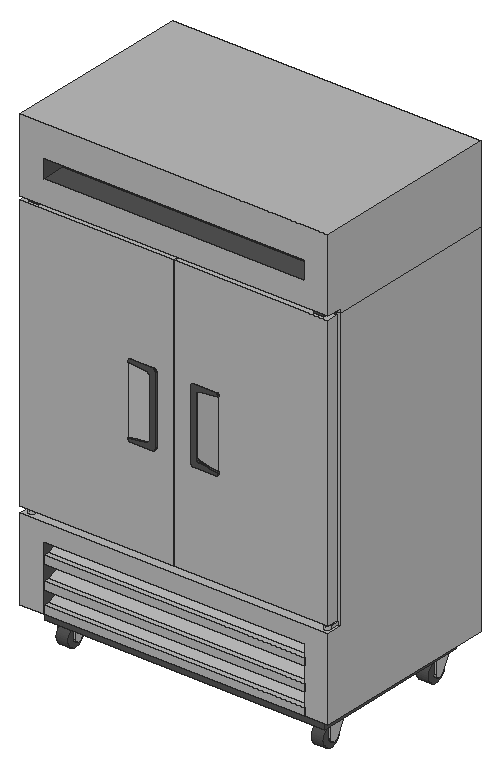
Revit family "Mechanical_COM_Refrigerator-Dbl", category Mechanical Equipment, Revit 2026
Family settings
  Round Connector Dimension = Use Diameter
  Part Type = Normal
  Classification Number = 23.40.40.11.11
  Work Plane-Based = Yes
  Always vertical = No
  Cut with Voids When Loaded = No
  Maintain Annotation Orientation = No
  Shared = No
  Room Calculation Point = No
Parameters
  doorheightactual [instance] = Door Height - 0' 0 7/8"  # 2' - 11 1/8"
  Warranty Duration (Years) = 0
  Unit Width [instance] = 3' - 3 1/2"
  Unit Height [instance] = 5' - 0"
  Unit Depth [instance] = 2' - 0 1/2"
  Test Data = ""
  Specification = ""
  SpecWizard = ""
  Send Message = ""
  Sales Information = ""
  Product Properties = ""
  Product Data = ""
  OmniClass Number = ""
  MasterFormat04 Keynote = ""
  Manufacturer's Notes = ""
  Manufacturer Website = ""
  Manufacturer Phone - Toll Free = ""
  Manufacturer Phone = ""
  Manufacturer Fax = ""
  Manufacturer Email = ""
  Manufacturer Address = ""
  Maintenance Schedule (Months) = 0
  Installation-Fabrication = ""
  Installation Phase = ""
  Half Width [instance] = Unit Width / 2  # 1' - 7 3/4"
  Green Building-LEED = ""
  Fixture Material [instance] = ARCAT - Metal - Satin Steel
  Feet Material [instance] = ARCAT - Plastic - Black
  Door Height [instance] = 3' - 0"
  Coasters = yes
  Base Height = if(Coasters, 0' 1 7/8", 0' 2 15/16")  # 0' - 1 7/8"
  Expected Lifespan (Years) = 0
  Drawn By = ""
  Default Elevation = 4' - 0"
  Copyright = ""
  Construction Details = ""
  Company_ID = 0
  Building Codes = ""
  Coaster Offset = if(Coasters, 0' 3 1/4", 0' 0")  # 0' - 3 1/4"
  Accent Material = ARCAT - Plastic - Black
Reference planes (in)
  plane 1 "Center (Front/Back)": y = 0
  plane 2: z = 0
  plane 3 "Center (Left/Right)": x = -3.9375
  plane 4: y = 12.25
  plane 5: y = -12.25
  plane 6: x = -23.6875
  plane 7: x = 15.8125
  plane 8: z = 60
  plane 9: z = 3.25
  plane 10: z = 5.125
  plane 11: z = 15.625
  plane 12: z = 13.375
  plane 13: z = 51.625
  plane 14: z = 16.5
  plane 15: z = 16
  plane 16: z = 51.375
  plane 17: z = 33.625
  plane 18: z = 38.01839
  plane 19: z = 29.23161
  plane 20: x = 14.95439
  plane 21: x = 13.70439
  plane 22: z = 52.125
  plane 23: z = 55.125
  plane 24: z = 57.5
  plane 25: z = 61.5
  plane 26: x = 13.18889
  plane 27: x = 11.6775
  plane 28: x = -21.06389
  plane 29: x = -19.5525
  plane 30: x = 11.3025
  plane 31: x = 13.56389
  plane 32: x = -19.1775
  plane 33: x = -21.43889
  plane 34: y = -32
  plane 35: x = -22.82939
  plane 36: x = -21.57939
Forms (in)
  Extrusion 1, solid, material "ARCAT - Plastic - Black" <- "Accent Material"
    sketch origin (0, 0, 0) x (1, 0, 0) y (0, 1, 0)
      loop
        line (-21.9375, -10.5) -> (14.0625, -10.5) -> (14.0625, 10.5) -> (-21.9375, 10.5) -> (-21.9375, -10.5)
    from 3.25 to 5.125
  Extrusion 2, solid, material "ARCAT - Metal - Satin Steel" <- "Fixture Material"
    sketch origin (0, 0, 0) x (1, 0, 0) y (0, 1, 0)
      loop
        line (-23.6875, 12.25) -> (-23.6875, -12.25) -> (-20.6875, -12.25) -> (-20.6875, -8.5) -> (12.8125, -8.5) -> (12.8125, -12.25) -> (15.8125, -12.25) -> (15.8125, 12.25) -> (-23.6875, 12.25)
    from 5.125 to 13.375
  Extrusion 3, solid, material "ARCAT - Metal - Satin Steel" <- "Fixture Material"
    sketch origin (0, 0, 0) x (1, 0, 0) y (0, 1, 0)
      loop
        line (-23.6875, 12.25) -> (-23.6875, -12.25) -> (15.8125, -12.25) -> (15.8125, 12.25) -> (-23.6875, 12.25)
    from 13.375 to 15.625
  Extrusion 4, solid, material "ARCAT - Metal - Satin Steel" <- "Fixture Material"
    sketch origin (-3.9375, -9.4435, 10.16013) x (0, -0.173648, 0.984808) y (0, -0.984808, -0.173648)
      loop
        line (-4.47129, 3.63821) -> (-4.60153, 2.8996) -> (-3.92881, -0.2653) -> (-2.944, -0.43895) -> (-3.61672, 2.72595) -> (-3.48649, 3.46456) -> (-4.47129, 3.63821)
      loop
        line (-1.76307, 3.16067) -> (-1.89331, 2.42207) -> (-1.22059, -0.74283) -> (-0.23578, -0.91648) -> (-0.9085, 2.24842) -> (-0.77826, 2.98703) -> (-1.76307, 3.16067)
      loop
        line (1.19135, 2.63973) -> (1.06112, 1.90112) -> (1.73384, -1.26377) -> (2.71864, -1.43742) -> (2.04592, 1.72748) -> (2.17616, 2.46608) -> (1.19135, 2.63973)
    from -16.75 to 16.75
  Extrusion 5, solid, material "ARCAT - Metal - Satin Steel" <- "Fixture Material"
    sketch origin (0, 0, 0) x (1, 0, 0) y (0, 1, 0)
      loop
        line (-23.6875, 12.25) -> (-23.6875, -10.25) -> (15.8125, -10.25) -> (15.8125, 12.25) -> (-23.6875, 12.25)
    from 15.625 to 51.625
  Extrusion 6, solid, material "ARCAT - Metal - Satin Steel" <- "Fixture Material"
    sketch origin (0, 0, 0) x (1, 0, 0) y (0, 1, 0)
      loop
        line (15.46508, -10.25) -> (14.56389, -10.25) -> (14.56389, -11.25)
        arc (14.56389, -11.25) -> (15.01448, -11.70059) -> (15.46508, -11.25) r 0.45059
        line (15.46508, -11.25) -> (15.46508, -10.25)
      loop
        line (-23.34008, -10.25) -> (-23.34008, -11.25)
        arc (-23.34008, -11.25) -> (-22.88948, -11.70059) -> (-22.43889, -11.25) r 0.45059
        line (-22.43889, -11.25) -> (-22.43889, -10.25) -> (-23.34008, -10.25)
    from 16 to 15.625
  Extrusion 7, solid, material "ARCAT - Metal - Satin Steel" <- "Fixture Material"
    sketch origin (0, 0, 0) x (1, 0, 0) y (0, 1, 0)
      loop
        circle (15.02077, -11.19956) r 0.37458
      loop
        circle (-22.89577, -11.19956) r 0.37458
    from 16 to 16.5
  Extrusion 8, solid, material "ARCAT - Plastic - Black" <- "Accent Material"
    sketch origin (0, 0, 0) x (1, 0, 0) y (0, 1, 0)
      loop
        line (-23.07671, -10.25) -> (-23.07671, -10.75) -> (15.20171, -10.75) -> (15.20171, -10.25) -> (-23.07671, -10.25)
    from 15.625 to 51.375
  Extrusion 9, solid, material "ARCAT - Plastic - Black" <- "Accent Material"
    sketch origin (-3.9375, -9.4435, 10.16013) x (0, -0.173648, 0.984808) y (0, -0.984808, -0.173648)
      loop
        line (41.26224, -4.77687) -> (40.67109, -8.12946) -> (41.14093, -7.95845) -> (41.38409, -6.57942) -> (41.99931, -6.3555) -> (42.24705, -4.95052) -> (41.26224, -4.77687)
    from 17.64189 to 18.89189
  Extrusion 10, solid, material "ARCAT - Metal - Satin Steel" <- "Fixture Material", visible <- "Coasters"
    sketch origin (0, 0, 0) x (1, 0, 0) y (0, 1, 0)
      loop
        line (-23.6875, 12.25) -> (-23.6875, -12.25) -> (15.8125, -12.25) -> (15.8125, 12.25) -> (-23.6875, 12.25)
    from 52.125 to 55.125
  Extrusion 11, solid, material "ARCAT - Metal - Satin Steel" <- "Fixture Material", visible <- "Coasters"
    sketch origin (-3.9375, -9.4435, 10.16013) x (0, -0.173648, 0.984808) y (0, -0.984808, -0.173648)
      loop
        line (37.56029, -28.65105) -> (41.46737, -6.49287) -> (40.97497, -6.40605) -> (37.06789, -28.56422) -> (37.56029, -28.65105)
    from -19.75 to 19.75
  Extrusion 12, solid, material "ARCAT - Metal - Satin Steel" <- "Fixture Material", visible <- "Coasters"
    sketch origin (0, 0, 0) x (1, 0, 0) y (0, 1, 0)
      loop
        line (-23.6875, 12.25) -> (-23.6875, -12.25) -> (-20.6875, -12.25) -> (-20.6875, -8.5) -> (12.8125, -8.5) -> (12.8125, -12.25) -> (15.8125, -12.25) -> (15.8125, 12.25) -> (-23.6875, 12.25)
    from 55.125 to 57.5
  Extrusion 13, solid, material "ARCAT - Metal - Satin Steel" <- "Fixture Material", visible <- "Coasters"
    sketch origin (0, 0, 0) x (1, 0, 0) y (0, 1, 0)
      loop
        line (-23.6875, 12.25) -> (-23.6875, -12.25) -> (15.8125, -12.25) -> (15.8125, 12.25) -> (-23.6875, 12.25)
    from 57.5 to 61.5
  Extrusion 14, solid, material "ARCAT - Metal - Satin Steel" <- "Fixture Material", visible <- "Coasters"
    sketch origin (-3.9375, -9.4435, 10.16013) x (0, -0.173648, 0.984808) y (0, -0.984808, -0.173648)
      loop
        line (47.10801, -5.45662) -> (44.90539, -8.17663) -> (44.23753, -8.05887) -> (44.11791, -8.73723) -> (46.45683, -9.14965) -> (47.10801, -5.45662)
    from -16.75 to 16.75
  Extrusion 15, solid, material "ARCAT - Plastic - Black" <- "Feet Material", visible <- "Coasters"
    sketch origin (-5.3125, -9.4435, 10.16013) x (0, -0.173648, 0.984808) y (0, -0.984808, -0.173648)
      loop
        circle (-8.94646, 0.57351) r 1.25
      loop
        circle (-11.87677, -16.04512) r 1.25
    from -15.75139 to 18.50139
  Extrusion 16, solid, material "ARCAT - Metal - Satin Steel" <- "Fixture Material", visible <- "Coasters"
    sketch origin (-3.9375, -9.4435, 10.16013) x (0, -0.173648, 0.984808) y (0, -0.984808, -0.173648)
      loop
        line (-6.89516, 0.6895) -> (-8.89643, 1.04238)
        arc (-8.89643, 1.04238) -> (-9.38803, 0.78781) -> (-9.27169, 0.24657) r 0.45597
        line (-9.27169, 0.24657) -> (-7.56057, -1.21444) -> (-7.24081, -1.27082) -> (-6.89516, 0.6895)
      loop
        line (-9.82547, -15.92913) -> (-11.82675, -15.57625)
        arc (-11.82675, -15.57625) -> (-12.31834, -15.83082) -> (-12.202, -16.37206) r 0.45597
        line (-12.202, -16.37206) -> (-10.49088, -17.83307) -> (-10.17113, -17.88945) -> (-9.82547, -15.92913)
    from -17.50139 to 17.50139
  Extrusion 17, void
    sketch origin (0, 0, 0) x (1, 0, 0) y (0, 0, 1)
      loop
        line (-19.5525, 0) -> (11.6775, 0) -> (11.6775, 2.5) -> (-19.5525, 2.5) -> (-19.5525, 0)
    from -12.25 to 12.25
  Extrusion 18, void
    sketch origin (0, 0, 0) x (1, 0, 0) y (0, 0, 1)
      loop
        line (-19.1775, 0) -> (11.3025, 0) -> (11.3025, 3.25) -> (-19.1775, 3.25) -> (-19.1775, 0)
    from -12.25 to 12.25
  Extrusion 19, solid, material "ARCAT - Plastic - Black" <- "Accent Material"
    sketch origin (-40.6875, -9.4435, 10.16013) x (0, -0.173648, 0.984808) y (0, -0.984808, -0.173648)
      loop
        line (41.26224, -4.77687) -> (40.67109, -8.12946) -> (41.14093, -7.95845) -> (41.38409, -6.57942) -> (41.99931, -6.3555) -> (42.24705, -4.95052) -> (41.26224, -4.77687)
    from 17.85811 to 19.10811
Cuts and joins
  joined: Extrusion 2, Extrusion 3, Extrusion 5
  joined: Extrusion 10, Extrusion 11, Extrusion 12, Extrusion 13
  Extrusion 17, Extrusion 18 cuts Extrusion 15
  Extrusion 18 cuts Extrusion 16
  Extrusion 18 cuts Extrusion 1
Lines and regions (in)
  symbolic lines, style "MechanicalEquipmentHiddenLines"
    curve 1: line (-23.6875, -12.25, 0) -> (-23.6875, -32, 0)
    curve 2: arc (-23.6875, -32, 0) -> (-9.72214, -26.21536, 0) -> (-3.9375, -12.25, 0) r 19.75
    curve 3: arc (-3.9375, -12.25, 0) -> (1.84714, -26.21536, 0) -> (15.8125, -32, 0) r 19.75
    curve 4: line (15.8125, -32, 0) -> (15.8125, -12.25, 0)
Dimensions and locks (in)
  "Unit Depth": plane 4 to plane 5
  equal spacing: plane 6, plane 3 "Center (Left/Right)", plane 7
  "Unit Width": plane 6 to plane 7
  equal spacing: plane 4, plane 1 "Center (Front/Back)", plane 5
  "Coaster Offset": plane 9 to level
  "Base Height": plane 10 to plane 9
  locked: plane 6 to Extrusion 1 sketch curve at 1.75
  locked: Extrusion 1 sketch curve to plane 7 at 1.75
  locked: plane 4 to Extrusion 1 sketch curve at 1.75
  locked: Extrusion 1 sketch curve to plane 5 at 1.75
  locked: plane 11 to plane 10 at 10.5
  locked: plane 6 to Extrusion 2 sketch curve at 3
  locked: Extrusion 2 sketch curve to plane 7 at 3
  locked: Extrusion 2 sketch curve to plane 5 at 3.75
  locked: plane 11 to plane 12 at 2.25
  locked: Extrusion 5 sketch curve to plane 5 at 2
  "Door Height": plane 13 to plane 11
  "Unit Height": plane 8 to level
  locked: plane 14 to plane 11 at 0.875
  Extrusion 6 sketch curve to Extrusion 6 sketch curve to plane 7 = 0' - 0.90119" locked, 0' - 0.34742" locked
  Extrusion 6 sketch curve to Extrusion 6 sketch curve to plane 5 = 0' - 1" locked, 0' - 1" locked
  locked: plane 15 to plane 11 at 0.375
  locked: Extrusion 7 sketch curve to plane 7 at 0.79173
  locked: Extrusion 7 sketch curve to plane 5 at 1.05044
  Extrusion 8 sketch curve to Extrusion 8 sketch curve to plane 5 = 0' - 0 1/2" locked, 0' - 1 1/2" locked
  locked: plane 6 to Extrusion 8 sketch curve at 0.61079
  locked: Extrusion 8 sketch curve to plane 7 at 0.61079
  locked: plane 13 to plane 16 at 0.25
  equal spacing: plane 13, plane 17, plane 11
  plane 18 to plane 17 to plane 19 = 0' - 4.39339" locked, 0' - 4.39339" locked
  plane 5 to Extrusion 9 sketch curve to Extrusion 9 sketch curve to Extrusion 9 sketch curve to Extrusion 9 sketch curve to Extrusion 9 sketch curve = 0' - 0.34569" locked, 0' - 1.42666" locked, 0' - 0.32735" locked, 0' - 1.4003" locked, 0' - 0 1/4" locked
  locked: plane 7 to plane 20 at 0.85811
  locked: plane 20 to plane 21 at 1.25
  locked: plane 22 to plane 13 at 0.5
  locked: plane 5 to Extrusion 11 sketch curve at 2
  locked: plane 23 to plane 22 at 3
  locked: Extrusion 12 sketch curve to plane 5 at 3.75
  locked: Extrusion 12 sketch curve to plane 7 at 3
  locked: plane 6 to Extrusion 12 sketch curve at 3
  locked: plane 24 to plane 23 at 2.375
  locked: plane 24 to Extrusion 14 sketch curve at 1.69683
  plane 5 to Extrusion 14 sketch curve to Extrusion 14 sketch curve = 0' - 3.06117" locked, 0' - 0.68883" locked
  locked: plane 5 to Extrusion 14 sketch curve at 0
  locked: plane 25 to plane 24 at 4
  locked: plane 5 to Extrusion 15 sketch curve at 3.79525
  locked: Extrusion 15 sketch curve to plane 4 at 3.82975
  locked: Extrusion 15 sketch curve to level at 1.25  (x2)
  plane 29 to plane 28 to plane 6 = 0' - 1.51139" locked, 0' - 2.62361" locked
  plane 7 to plane 26 to plane 27 = 0' - 2.62361" locked, 0' - 1.51139" locked
  locked: plane 28 to plane 33 at 0.375
  locked: plane 29 to plane 32 at 0.375
  locked: plane 26 to plane 31 at 0.375
  locked: plane 30 to plane 27 at 0.375
  locked: Extrusion 17 sketch curve to level at 2.5
  locked: Extrusion 18 sketch curve to plane 6 at 4.51
  locked: plane 7 to Extrusion 18 sketch curve at 4.51
  locked: Extrusion 18 sketch curve to level at 3.25
  "Half Width": plane 5 to plane 34
  Extrusion 16 sketch curve to Extrusion 16 sketch curve to plane 4 = 0' - 1.99056" locked, 0' - 2.30963" locked
  plane 5 to Extrusion 16 sketch curve to Extrusion 16 sketch curve = 0' - 3.32481" locked, 0' - 1.99056" locked
  locked: plane 35 to plane 36 at 1.25
  Extrusion 19 sketch curve to Extrusion 19 sketch curve to Extrusion 19 sketch curve to Extrusion 19 sketch curve to Extrusion 19 sketch curve = 0' - 1.42666" locked, 0' - 0.32735" locked, 0' - 1.4003" locked, 0' - 0 1/4" locked
  locked: plane 6 to plane 35 at 0.85811
  locked: Extrusion 6 sketch curve to Extrusion 6 sketch curve at 0.90119
  locked: Extrusion 6 sketch curve to Extrusion 6 sketch curve at 1
  locked: plane 6 to Extrusion 6 sketch curve at 0.34742
  locked: Extrusion 6 sketch curve to plane 5 at 1
  locked: Extrusion 7 sketch curve to plane 5 at 0.67586
  locked: plane 6 to Extrusion 7 sketch curve at 0.79173
  aligned and locked: Extrusion 1 to plane 10
  aligned and locked: Extrusion 1 to plane 9
  aligned and locked: Extrusion 2 sketch curve to plane 4
  aligned and locked: Extrusion 2 sketch curve to plane 7
  aligned and locked: Extrusion 2 sketch curve to plane 6
  aligned and locked: Extrusion 2 to plane 10
  aligned and locked: Extrusion 2 to plane 12
  aligned and locked: plane 5 to Extrusion 3 sketch curve
  aligned and locked: Extrusion 3 sketch curve to plane 7
  aligned and locked: Extrusion 3 sketch curve to plane 4
  aligned and locked: plane 6 to Extrusion 3 sketch curve
  aligned and locked: Extrusion 3 to plane 11
  aligned and locked: Extrusion 3 to plane 12
  aligned and locked: Extrusion 4 to Extrusion 2  (x2)
  aligned and locked: plane 4 to Extrusion 5 sketch curve
  aligned and locked: Extrusion 5 sketch curve to plane 6
  aligned and locked: plane 7 to Extrusion 5 sketch curve
  aligned and locked: plane 13 to Extrusion 5
  aligned and locked: Extrusion 5 to plane 11
  aligned and locked: plane 11 to Extrusion 6
  aligned and locked: Extrusion 6 to plane 15
  aligned and locked: Extrusion 7 to plane 14
  aligned and locked: Extrusion 7 to plane 15
  aligned and locked: Extrusion 8 to plane 16
  aligned and locked: Extrusion 8 to plane 11
  aligned and locked: plane 20 to Extrusion 9
  aligned and locked: Extrusion 9 to plane 21
  aligned and locked: Extrusion 9 sketch curve to plane 13
  aligned and locked: Extrusion 10 sketch curve to plane 4
  aligned and locked: Extrusion 10 sketch curve to plane 7
  aligned and locked: plane 5 to Extrusion 10 sketch curve
  aligned and locked: plane 6 to Extrusion 10 sketch curve
  aligned and locked: Extrusion 10 to plane 23
  aligned and locked: Extrusion 10 to plane 22
  aligned and locked: plane 13 to Extrusion 11 sketch curve
  aligned and locked: Extrusion 11 sketch curve to plane 22
  aligned and locked: Extrusion 11 sketch curve to plane 4
  aligned and locked: plane 7 to Extrusion 11
  aligned and locked: Extrusion 11 to plane 6
  aligned and locked: Extrusion 12 sketch curve to plane 6
  aligned and locked: plane 4 to Extrusion 12 sketch curve
  aligned and locked: plane 7 to Extrusion 12 sketch curve
  aligned and locked: Extrusion 12 sketch curve to plane 5  (x2)
  aligned and locked: Extrusion 12 to plane 23
  aligned and locked: Extrusion 12 to plane 24
  aligned and locked: Extrusion 13 sketch curve to plane 7
  aligned and locked: Extrusion 13 sketch curve to plane 4
  aligned and locked: plane 6 to Extrusion 13 sketch curve
  aligned and locked: plane 5 to Extrusion 13 sketch curve
  aligned and locked: Extrusion 13 to plane 24
  aligned and locked: plane 24 to Extrusion 14 sketch curve
  aligned and locked: Extrusion 14 sketch curve to plane 23
  aligned and locked: Extrusion 14 to Extrusion 12  (x2)
  aligned and locked: Extrusion 13 to plane 25
  aligned and locked: Extrusion 16 to plane 31
  aligned and locked: Extrusion 16 to plane 33
  aligned and locked: Extrusion 15 to plane 28
  aligned and locked: Extrusion 15 to plane 26
  aligned and locked: plane 27 to Extrusion 17 sketch curve
  aligned and locked: plane 29 to Extrusion 17 sketch curve
  aligned and locked: level to Extrusion 17 sketch curve
  aligned and locked: level to Extrusion 18 sketch curve
  aligned and locked: plane 4 to Extrusion 17
  aligned and locked: Extrusion 17 to plane 5
  aligned and locked: Extrusion 18 to plane 5
  aligned and locked: plane 4 to Extrusion 18
  aligned and locked: plane 34 to curve 1
  aligned and locked: curve 4 to cut or joined group of Extrusion 2, Extrusion 3, Extrusion 5
  aligned and locked: curve 1 to plane 6
  aligned and locked: Extrusion 19 to plane 36
  aligned and locked: plane 35 to Extrusion 19
  aligned and locked: Extrusion 19 to plane 13
  aligned and locked: plane 14 to nested 2
  aligned and locked: nested 1 to plane 14
  aligned and locked: nested 2 to plane 6
  aligned and locked: plane 7 to nested 1
  aligned and locked: nested 1 to Extrusion 8
  aligned and locked: nested 2 to Extrusion 8
Automatic sketch dimensions
  Extrusion 9 sketch curve to Extrusion 9 sketch curve = 0' - 0.46985"
  Extrusion 9 sketch curve to Extrusion 9 sketch curve = 0' - 0.24316"
  Extrusion 9 sketch curve to Extrusion 9 sketch curve = 0' - 0.61522"
  curve 3 to plane 3 "Center (Left/Right)" = 0' - 0"
  curve 2 to plane 3 "Center (Left/Right)" = 0' - 0"
  curve 1 to plane 5 = 0' - 0"
  curve 4 to plane 5 = 0' - 0"
  Extrusion 2 sketch curve to plane 5 = 0' - 0"  (x2)
  Extrusion 4 sketch curve to plane 10 = 0' - 0"  (x2)
  Extrusion 4 sketch curve to plane 5 = 0' - 0"  (x5)
  Extrusion 4 sketch curve to Extrusion 4 sketch curve = 0' - 0.13024"  (x6)
  Extrusion 4 sketch curve to Extrusion 4 sketch curve = 0' - 0.67272"
  Extrusion 4 sketch curve to Extrusion 4 sketch curve = 0' - 0.98481"  (x6)
  Extrusion 4 sketch curve to Extrusion 4 sketch curve = 0' - 1.72341"  (x2)
  Extrusion 4 sketch curve to Extrusion 4 sketch curve = 0' - 1.96962"  (x2)
  Extrusion 4 sketch curve to Extrusion 4 sketch curve = 0' - 2.99125"
  Extrusion 4 sketch curve to Extrusion 4 sketch curve = 0' - 0.17365"  (x3)
  Extrusion 4 sketch curve to Extrusion 4 sketch curve = 0' - 0.30388"
  Extrusion 4 sketch curve to Extrusion 4 sketch curve = 0' - 0.3473"
  Extrusion 16 sketch curve to plane 9 = 0' - 0"  (x3)
  Extrusion 16 sketch curve to Extrusion 16 sketch curve = 0' - 0.31976"  (x2)
  Extrusion 16 sketch curve to Extrusion 16 sketch curve = 0' - 2.00128"
  Extrusion 16 sketch curve to Extrusion 16 sketch curve = 0' - 0.07918"  (x2)
  Extrusion 16 sketch curve to Extrusion 16 sketch curve = 0' - 0.29608"  (x2)
  Extrusion 16 sketch curve to Extrusion 16 sketch curve = 0' - 2.37653"
  Extrusion 16 sketch curve to Extrusion 16 sketch curve = 0' - 0.7958"  (x2)
  Extrusion 19 sketch curve to plane 13 = 0' - 0"  (x2)
  plane 5 to Extrusion 19 sketch curve = 0' - 3 3/4"
  Extrusion 19 sketch curve to Extrusion 19 sketch curve = 0' - 0.46985"
  Extrusion 19 sketch curve to Extrusion 19 sketch curve = 0' - 0.24316"
  Extrusion 19 sketch curve to Extrusion 19 sketch curve = 0' - 0.61522"
  radius of Extrusion 15 sketch curve = 0' - 1 1/4"  (x2)
  radius of Extrusion 7 sketch curve = 0' - 0.37458"  (x2)
Nested families (in)
  nested 1: "Solid Door" at (5.9375, -10.75, 16.5), Door Width <- "Half Width", Door Height <- "doorheightactual", type "Solid Door"
    with Material ARCAT - Metal - Satin Steel, Glazing none, Door Width 1' - 7 3/4", Door Height 2' - 11 1/8", Accent ARCAT - Plastic - Black
  nested 2: "Solid Door" at (-13.8125, -10.75, 16.5) x (-1, 0, 0) z (0, 0, 1), Door Width <- "Half Width", Door Height <- "doorheightactual", type "Solid Door"
    with Material ARCAT - Metal - Satin Steel, Glazing none, Door Width 1' - 7 3/4", Door Height 2' - 11 1/8", Accent ARCAT - Plastic - Black
Connectors (in)
  electrical at (-3.9375, 12.25, 28.375)
    settings: on cut or joined group of Extrusion 2, Extrusion 3, Extrusion 5, index 1, voltage 0 V, apparent load 0 VA, apparent load phase1 0 VA, apparent load phase2 0 VA, apparent load phase3 0 VA, power factor 1, load classification "Other", number of poles 1, system type 31, power factor state 1, is connector primary yes, connector utility no, sub classification motor no, connector description ""
Definition of nested family "Solid Door"
  Parameters
    Material [instance] = none
    Glazing [instance] = none
    Door Width [instance] = 2' - 1"
    Door Height [instance] = 2' - 11 1/8"
    Default Elevation = 0' - 0"
    Assembly Code = ""
    Accent [instance] = none
  Reference planes (in)
    plane 1 "Center (Front/Back)": y = 0
    plane 2: z = 0
    plane 3 "Center (Left/Right)": x = 0
    plane 4: z = 17.5625
    plane 5: z = 35.125
    plane 6: z = 21.875
    plane 7: z = 12.73161
    plane 8: z = 21.51839
    plane 9: z = 12.375
    plane 10: x = -12.5
    plane 11: x = 12.5
  Forms (in)
    Extrusion 1, solid, material <- "Material"
      sketch origin (3.9375, 10.75, -16.5) x (1, 0, 0) y (0, 1, 0)
        loop
          line (-16.4375, -10.75) -> (-16.4375, -12.25) -> (8.5625, -12.25) -> (8.5625, -10.75) -> (-16.4375, -10.75)
      from 16.5 to 51.625
    Extrusion 2, solid, material <- "Accent"
      sketch origin (-28.88599, -1.5, 31.5) x (-1, 0, 0) y (0, 0, 1)
        loop
          line (-18.63599, -18.75) -> (-18.63599, -10)
          arc (-18.63599, -10) -> (-18.74582, -9.73483) -> (-19.01099, -9.625) r 0.375
          line (-19.01099, -9.625) -> (-21.88599, -9.625)
          arc (-21.88599, -9.625) -> (-22.06276, -9.69822) -> (-22.13599, -9.875) r 0.25
          line (-22.13599, -9.875) -> (-22.13599, -10.03734) -> (-19.67614, -10.33937)
          arc (-19.67614, -10.33937) -> (-19.46894, -10.44839) -> (-19.38599, -10.66733) r 0.33042
          line (-19.38599, -10.66733) -> (-19.38599, -18.08267)
          arc (-19.38599, -18.08267) -> (-19.46894, -18.30161) -> (-19.67614, -18.41063) r 0.33042
          line (-19.67614, -18.41063) -> (-22.13599, -18.71266) -> (-22.13599, -18.875)
          arc (-22.13599, -18.875) -> (-22.06276, -19.05178) -> (-21.88599, -19.125) r 0.25
          line (-21.88599, -19.125) -> (-19.01099, -19.125)
          arc (-19.01099, -19.125) -> (-18.74582, -19.01517) -> (-18.63599, -18.75) r 0.375
      from 0 to -0.125
    Extrusion 3, void
      sketch origin (3.9375, 10.75, -16.5) x (1, 0, 0) y (0, 1, 0)
        loop
          line (-10.6875, -12.25) -> (-14.1875, -11.31218) -> (-14.1875, -12.25) -> (-10.6875, -12.25)
      from 29.23161 to 38.01839
  Cuts and joins
    Extrusion 3 cuts Extrusion 1
    Extrusion 3 cuts Extrusion 2
  Lines and regions (in)
    symbolic lines
      curve 1: line (-12.5, -1.5, 35.125) -> (12.5, -1.5, 17.5625)
      curve 2: line (12.5, -1.5, 17.5625) -> (-12.5, -1.5, 0)
  Dimensions and locks (in)
    Extrusion 2 sketch curve to Extrusion 2 sketch curve to Extrusion 2 sketch curve = 0' - 0.41234" locked, 0' - 0.62999" locked
    Extrusion 2 sketch curve to Extrusion 2 sketch curve to Extrusion 2 sketch curve = 0' - 0.62999" locked, 0' - 0.41234" locked
    equal spacing: plane 5, plane 4, level
    "Door Height": plane 5 to level
    locked: plane 6 to plane 8 at 0.35661
    locked: plane 7 to plane 9 at 0.35661
    plane 6 to plane 4 to plane 9 = 0' - 4 5/16" locked, 0' - 5 3/16" locked
    Extrusion 2 sketch curve to plane 4 to Extrusion 2 sketch curve = 0' - 4 5/16" locked, 0' - 5 3/16" locked
    equal spacing: plane 10, plane 3 "Center (Left/Right)", plane 11
    "Door Width": plane 10 to plane 11
    plane 10 to Extrusion 2 sketch curve to Extrusion 2 sketch curve to Extrusion 2 sketch curve = 0' - 2 1/4" locked, 0' - 0 3/4" locked, 0' - 2 3/4" locked
    locked: plane 10 to Extrusion 2 sketch curve at 5.75
    plane 10 to Extrusion 3 sketch curve to Extrusion 3 sketch curve = 0' - 2 1/4" locked, 0' - 3 1/2" locked
    aligned and locked: Extrusion 3 to plane 8
    aligned and locked: plane 7 to Extrusion 3
    aligned and locked: Extrusion 1 to plane 11
    aligned and locked: Extrusion 1 to level
    aligned and locked: plane 10 to Extrusion 1
    aligned and locked: Extrusion 1 to plane 5
    aligned and locked: plane 4 to curve 1
  Automatic sketch dimensions
    Extrusion 1 sketch curve to plane 3 "Center (Left/Right)" = 1' - 0 1/2"
    plane 3 "Center (Left/Right)" to Extrusion 1 sketch curve = 1' - 0 1/2"
    plane 1 "Center (Front/Back)" to Extrusion 1 sketch curve = 0' - 1 1/2"
    Extrusion 1 sketch curve to Extrusion 1 sketch curve = 0' - 1 1/2"
    Extrusion 2 sketch curve to plane 8 = 0' - 0.10661"
    Extrusion 2 sketch curve to Extrusion 2 sketch curve = 0' - 0 1/4"
    Extrusion 2 sketch curve to Extrusion 2 sketch curve = 0' - 2.16958"
    Extrusion 2 sketch curve to Extrusion 2 sketch curve = 0' - 0.04027"  (x2)
    plane 8 to Extrusion 2 sketch curve = 0' - 0.35776"
    Extrusion 2 sketch curve to Extrusion 2 sketch curve = 0' - 0 3/8"  (x2)
    plane 1 "Center (Front/Back)" to Extrusion 3 sketch curve = 0' - 1 1/2"
    Extrusion 3 sketch curve to Extrusion 3 sketch curve = 0' - 0.93782"
    curve 2 to Extrusion 1 = 0' - 0"  (x2)
    curve 1 to Extrusion 1 = 0' - 0"  (x3)
